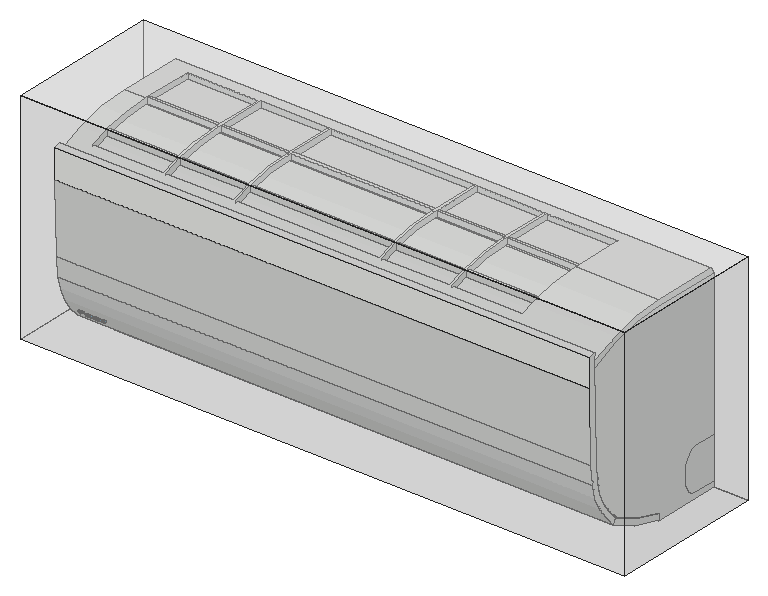
Revit family "outputfile", category 機械設備, Revit 2024
Family settings
  丸型コネクタ寸法 = 半径を使用
  パーツ タイプ = 標準
  OmniClass 番号 = 23.75.10.24.21.27.27
  OmniClass タイトル = Split System Air Conditioning Units
  作業面ベース = いいえ
  常に垂直 = はい
  ロード時にボイドで切り取り = いいえ
  注釈の向きを維持 = いいえ
  共有 = いいえ
  部屋計算ポイント = いいえ
Parameters (values of type "FTXV35UVMA")
  Description = ""
  書き出し IFC クラス(タイプ) = "IfcUnitaryEquipmentType"
  定義済み IFC タイプ(タイプ) = "AIRCONDITIONINGUNIT"
  Cost = 0
  Type Comments = ""
  Keynote = ""
  Type Image = (empty or 0)
  Assembly Code = ""
  w_wall hole = if(Width = 770.0 mm, 48.0 mm, 60.0 mm)  # 48.0 mm
  製造元 = "Daikin"
  モデル = "FTXV35UVMA"
  switch_frequency = yes
  r_Liquid Pipe Size = Liquid Pipe Size / 2  # 3.2 mm
  r_Gas Pipe Size = Gas Pipe Size / 2  # 4.75 mm
  r_Drain Pipe Size = Drain Pipe Size / 2  # 8.0 mm
  lw_powersupply [instance] = if(Width = 770.0 mm, if(or(Rear Right Connection_refrigerant, Bottom Right Connection_refrigerant), 25.0 mm, if(or(Rear Left Connection_refrigerant, Bottom Left Connection_refrigerant), 745.0 mm, 400.0 mm)), if(Width = 990.0 mm, if(or(Rear Right Connection_refrigerant, Bottom Right Connection_refrigerant), 40.0 mm, if(or(Rear Left Connection_refrigerant, Bottom Left Connection_refrigerant), 920.0 mm, 400.0 mm)), if(or(Rear Right Connection_refrigerant, Bottom Right Connection_refrigerant), 40.0 mm, if(or(Rear Left Connection_refrigerant, Bottom Left Connection_refrigerant), 920.0 mm, 400.0 mm))))  # 400.0 mm
  lw_liquidpipe [instance] = if(Width = 770.0 mm, if(or(Rear Right Connection_refrigerant, Bottom Right Connection_refrigerant), 0.0 mm, if(or(Rear Left Connection_refrigerant, Bottom Left Connection_refrigerant), 664.0 mm, 385.0 mm)), if(Width = 990.0 mm, if(or(Rear Right Connection_refrigerant, Bottom Right Connection_refrigerant), 0.0 mm, if(or(Rear Left Connection_refrigerant, Bottom Left Connection_refrigerant), 664.0 mm + (990.0 mm - 770.0 mm), 475.0 mm)), if(or(Rear Right Connection_refrigerant, Bottom Right Connection_refrigerant), 0.0 mm, if(or(Rear Left Connection_refrigerant, Bottom Left Connection_refrigerant), 664.0 mm + (990.0 mm - 770.0 mm), 475.0 mm))))  # 385.0 mm
  lw_gaspipe [instance] = if(Width = 770.0 mm, if(or(Rear Right Connection_refrigerant, Bottom Right Connection_refrigerant), 0.0 mm, if(or(Rear Left Connection_refrigerant, Bottom Left Connection_refrigerant), 675.0 mm, if(Gas Pipe Size = 12.7 mm, 345.0 mm, 335.0 mm))), if(Width = 990.0 mm, if(or(Rear Right Connection_refrigerant, Bottom Right Connection_refrigerant), 10.0 mm, if(or(Rear Left Connection_refrigerant, Bottom Left Connection_refrigerant), 890.0 mm, if(Gas Pipe Size = 15.9 mm, 410.0 mm, 400.0 mm))), if(or(Rear Right Connection_refrigerant, Bottom Right Connection_refrigerant), 10.0 mm, if(or(Rear Left Connection_refrigerant, Bottom Left Connection_refrigerant), 890.0 mm, if(Gas Pipe Size = 15.9 mm, 410.0 mm, 400.0 mm)))))  # 335.0 mm
  lw_drainpipe [instance] = if(Width = 770.0 mm, if(or(Rear Right Connection_refrigerant, Bottom Right Connection_refrigerant), 0.0 mm, if(or(Rear Left Connection_refrigerant, Bottom Left Connection_refrigerant), 770.0 mm - 48.0 mm - 48.0 mm, 440.0 mm)), if(Width = 990.0 mm, if(or(Rear Right Connection_refrigerant, Bottom Right Connection_refrigerant), 0.0 mm, if(or(Rear Left Connection_refrigerant, Bottom Left Connection_refrigerant), 675.0 mm + (990.0 mm - 770.0 mm), 435.0 mm)), if(or(Rear Right Connection_refrigerant, Bottom Right Connection_refrigerant), 0.0 mm, if(or(Rear Left Connection_refrigerant, Bottom Left Connection_refrigerant), 675.0 mm + (990.0 mm - 770.0 mm), 435.0 mm))))  # 440.0 mm
  l_powersupply_length [instance] = if(Width = 770.0 mm, if(Right Connection_refrigerant, 400.0 mm, if(Left Connection_refrigerant, 770.0 mm - 400.0 mm, if(or(Rear Left Connection_refrigerant, Rear Right Connection_refrigerant), 15.0 mm, 50.0 mm))), if(Width = 990.0 mm, if(Right Connection_refrigerant, 400.0 mm, if(Left Connection_refrigerant, 990.0 mm - 400.0 mm, if(or(Rear Left Connection_refrigerant, Rear Right Connection_refrigerant), 15.0 mm, 50.0 mm))), if(Right Connection_refrigerant, 400.0 mm, if(Left Connection_refrigerant, 990.0 mm - 400.0 mm, if(or(Rear Left Connection_refrigerant, Rear Right Connection_refrigerant), 15.0 mm, 50.0 mm)))))  # 400.0 mm
  l_liquidpipe_length [instance] = if(Width = 770.0 mm, if(Right Connection_refrigerant, 433.0 mm, if(Left Connection_refrigerant, 337.0 mm, if(or(Rear Left Connection_refrigerant, Rear Right Connection_refrigerant), 30.0 mm, 40.0 mm))), if(Width = 990.0 mm, if(Right Connection_refrigerant, 535.0 mm, if(Left Connection_refrigerant, 455.0 mm, if(or(Rear Left Connection_refrigerant, Rear Right Connection_refrigerant), 30.0 mm, 40.0 mm))), if(Right Connection_refrigerant, 535.0 mm, if(Left Connection_refrigerant, 455.0 mm, if(or(Rear Left Connection_refrigerant, Rear Right Connection_refrigerant), 30.0 mm, 40.0 mm)))))  # 433.0 mm
  l_gaspipe_length [instance] = if(Width = 770.0 mm, if(Right Connection_refrigerant, if(Gas Pipe Size = 12.7 mm, 393.0 mm, 383.0 mm), if(Left Connection_refrigerant, if(Gas Pipe Size = 12.7 mm, 770.0 mm - 393.0 mm, 770.0 mm - 383.0 mm), if(or(Rear Left Connection_refrigerant, Rear Right Connection_refrigerant), 40.0 mm, 50.0 mm))), if(Width = 990.0 mm, if(Right Connection_refrigerant, if(Gas Pipe Size = 15.9 mm, 470.0 mm, 460.0 mm), if(Left Connection_refrigerant, if(Gas Pipe Size = 15.9 mm, 990.0 mm - 470.0 mm, 990.0 mm - 460.0 mm), if(or(Rear Left Connection_refrigerant, Rear Right Connection_refrigerant), 40.0 mm, 50.0 mm))), if(Right Connection_refrigerant, if(Gas Pipe Size = 15.9 mm, 460.0 mm, 460.0 mm), if(Left Connection_refrigerant, if(Gas Pipe Size = 15.9 mm, 990.0 mm - 460.0 mm, 990.0 mm - 460.0 mm), if(or(Rear Left Connection_refrigerant, Rear Right Connection_refrigerant), 40.0 mm, 50.0 mm)))))  # 383.0 mm
  l_drainpipe_length [instance] = if(Width = 770.0 mm, if(Right Connection_refrigerant, 488.0 mm, if(Left Connection_refrigerant, 282.0 mm, if(or(Rear Left Connection_refrigerant, Rear Right Connection_refrigerant), 15.0 mm, 20.0 mm))), if(Width = 990.0 mm, if(Right Connection_refrigerant, 495.0 mm, if(Left Connection_refrigerant, 495.0 mm, if(or(Rear Left Connection_refrigerant, Rear Right Connection_refrigerant), 15.0 mm, 20.0 mm))), if(Right Connection_refrigerant, 495.0 mm, if(Left Connection_refrigerant, 495.0 mm, if(or(Rear Left Connection_refrigerant, Rear Right Connection_refrigerant), 15.0 mm, 20.0 mm)))))  # 488.0 mm
  h*** = 0.0 mm  # constant formula
  connector_voltage = Voltage_50Hz  # 230 V
  connector_powerinput = [Power Input (Cooling)]  # 0.880 kW
  connector_phase = Phase_50Hz  # 1
  angle_vertical [instance] = if(or(Bottom Left Connection_refrigerant, Bottom Right Connection_refrigerant), 0.00°, 90.00°)  # 90.00°
  angle_horizontal [instance] = if(Right Connection_refrigerant, 90.00°, if(Left Connection_refrigerant, -90.00°, if(or(Rear Left Connection_refrigerant, Rear Right Connection_refrigerant), 180.00°, 0.00°)))  # 90.00°
  Width = 770.0 mm
  Voltage_comment_60Hz = "220-230"
  Voltage_comment_50Hz = "220 - 240"
  Voltage_60Hz = 220 V
  Voltage_50Hz = 230 V
  Version = "ver.1.0"
  Unit Type = "Wall Mounted"
  Unit Mass Weight = 9.00 kg
  Unit Designation [instance] = ""
  Uniclass2015Version = "Products v1.30"
  Uniclass2015Title = "Split coil room air conditioning units"
  Uniclass2015Code = "Pr_70_65_03_86"
  URL = ""
  Total Heating Capacity [instance] = 0.000 kW
  Total Cooling Capacity [instance] = 0.000 kW
  Sound Pressure Level_M speed (dBA) = 34
  Sound Pressure Level_L speed (dBA) = 26
  Sound Pressure Level_H speed (dBA) = 42
  Sound Power Level_H speed (dB) = 0
  Series = "Single Split_Fan Coil Unit"
  Sensible Cooling Capacity [instance] = 0.000 kW
  Refrigerant Type = "R32"
  Power Input (Heating) = 0.790 kW
  Power Input (Cooling) = 0.880 kW
  Phase_60Hz = 1
  Phase_50Hz = 1
  Option Accessory 3 [instance] = ""
  Option Accessory 2 [instance] = ""
  Option Accessory 1 [instance] = ""
  Nominal Heating Capacity = 3.700 kW
  Nominal Cooling Capacity = 3.500 kW
  Minimum Circuit Amps_60Hz = 0.0 A
  Minimum Circuit Amps_50Hz = 0.0 A
  Minimum Airflow = 324.00 m³/h
  Median Airflow = 456.00 m³/h
  Maximum Fuse Amps_60Hz = 0.0 A
  Maximum Fuse Amps_50Hz = 0.0 A
  Maximum Airflow = 630.00 m³/h
  Material_Casing = DAIKIN_PureWhite_Casing_indoorunit
  Load Classification = HVAC
  Liquid Pipe Size = 6.4 mm
  Link_Nested Family [instance] = ""
  IfcVersion = ""
  IfcExportType = "AIRCONDITIONINGUNIT"
  IfcExportAs = "IfcUnitaryEquipmentType"
  Height = 285.0 mm
  Heating Entering Wet Bulb Temperature [instance] = -273.15 °C
  Heating Entering Dry Bulb Temperature [instance] = -273.15 °C
  Heating Ambient Wet Bulb Temperature [instance] = -273.15 °C
  Heating Ambient Dry Bulb Temperature [instance] = -273.15 °C
  Heat Exchanger Type = "Cross Fin Coil"
  Gas Pipe Size = 9.5 mm
  Frequency_60Hz = 60 Hz
  Frequency_50Hz = 50 Hz
  Fan Type = "Cross Flow Fan"
  Fan Drive = "-"
  FCU Tag No. [instance] = ""
  Drain Pipe Size = 16.0 mm
  Design Supply Airflow [instance] = 0.00 m³/h
  Depth = 223.0 mm
  既定の高さ = 0.0 mm
  Cooling Entering Wet Bulb Temperature [instance] = 0.00 °C
  Cooling Entering Dry Bulb Temperature [instance] = 0.00 °C
  Cooling Ambient Wet Bulb Temperature [instance] = 0.00 °C
  Cooling Ambient Dry Bulb Temperature [instance] = 0.00 °C
  Clearance visibility [instance] = yes
  Clearance Top = 30.0 mm
  Clearance Right = 50.0 mm
  Clearance Rear = 0.0 mm
  Clearance Left = 50.0 mm
  Clearance Front = 0.0 mm
  Clearance Bottom = 0.0 mm
  Bottom Right Connection_refrigerant [instance] = no
  Bottom Left Connection_refrigerant [instance] = no
  Rear Right Connection_refrigerant [instance] = no
  Rear Left Connection_refrigerant [instance] = no
  Right Connection_refrigerant [instance] = yes
  Left Connection_refrigerant [instance] = no
Reference planes
  plane 1 "Back": y = 0
  plane 2: z = 0
  plane 3 "Center (Left/Right)": x = 0
  plane 4 "Center (Front/Back)": y = -111.5
  plane 5 "Front": y = -223
  plane 6 "Left": x = -385
  plane 7 "Right": x = 385
  plane 8 "Top": z = 0
  plane 9 "Bottom": z = -285
  plane 10: x = -435
  plane 11: x = 435
  plane 12: y = 0
  plane 13: y = -223
  plane 14: z = 30
  plane 15: z = -285
  plane 16 "lw_Piping and Wiring intake": x = 337
  plane 17 "lw_gaspipe": x = 2
  plane 18 "lw_liquidpipe": x = -48
  plane 19 "lw_drainpipe": x = -103
  plane 20 "lh_drainpipe": z = -265
  plane 21 "lh_liquidpipe": z = -245
  plane 22 "lh_gaspipe": z = -235
  plane 23 "ld_drainpipe": y = -15
  plane 24 "ld_liquidpipe": y = -30
  plane 25 "ld_gaspipe": y = -40
  plane 26 "lw_powersupply": x = -15
Dimensions and locks
  equal spacing: plane 6 "Left", plane 3 "Center (Left/Right)", plane 7 "Right"
  "Width": plane 6 "Left" to plane 7 "Right"
  equal spacing: plane 5 "Front", plane 4 "Center (Front/Back)", plane 1 "Back"
  "Depth": plane 5 "Front" to plane 1 "Back"
  "Height": plane 8 "Top" to plane 9 "Bottom"
  "Clearance Rear": plane 12 to plane 1 "Back"
  "Clearance Front": plane 13 to plane 5 "Front"
  "Clearance Top": plane 14 to plane 8 "Top"
  "Clearance Bottom": plane 9 "Bottom" to plane 15
  "w_wall hole": plane 16 "lw_Piping and Wiring intake" to plane 7 "Right"
  "lw_gaspipe": plane 17 "lw_gaspipe" to plane 16 "lw_Piping and Wiring intake"
  "lw_liquidpipe": plane 18 "lw_liquidpipe" to plane 16 "lw_Piping and Wiring intake"
  "lw_drainpipe": plane 19 "lw_drainpipe" to plane 16 "lw_Piping and Wiring intake"
  locked: plane 20 "lh_drainpipe" to plane 9 "Bottom" at 20
  locked: plane 21 "lh_liquidpipe" to plane 9 "Bottom" at 40
  locked: plane 22 "lh_gaspipe" to plane 9 "Bottom" at 50
  locked: plane 23 "ld_drainpipe" to plane 1 "Back" at 15
  locked: plane 1 "Back" to plane 24 "ld_liquidpipe" at 30
  locked: plane 1 "Back" to plane 25 "ld_gaspipe" at 40
  "lw_powersupply": plane 26 "lw_powersupply" to plane 7 "Right"
  "Clearance Left": plane 10 to plane 6 "Left"
  "Clearance Right": plane 7 "Right" to plane 11
  aligned and locked: level to plane 2
  aligned and locked: plane 12 to nested 1
  aligned and locked: nested 1 to plane 13
  aligned and locked: plane 10 to nested 1
  aligned and locked: plane 11 to nested 1
  aligned and locked: plane 15 to nested 1
  aligned and locked: plane 14 to nested 1
  aligned and locked: plane 17 "lw_gaspipe" to nested 2
  aligned and locked: nested 2 to plane 25 "ld_gaspipe"
  aligned and locked: plane 18 "lw_liquidpipe" to nested 3
  aligned and locked: nested 3 to plane 24 "ld_liquidpipe"
  aligned and locked: plane 19 "lw_drainpipe" to nested 4
  aligned and locked: nested 4 to plane 23 "ld_drainpipe"
  aligned and locked: nested 5 to plane 23 "ld_drainpipe"
  aligned and locked: plane 26 "lw_powersupply" to nested 5
  aligned and locked: level to plane 8 "Top"
  aligned and locked: plane 3 "Center (Left/Right)" to nested 6
  aligned and locked: plane 1 "Back" to nested 6
  aligned and locked: plane 8 "Top" to nested 6
Nested families
  nested 1: "daikin_clearancespace" at (0, -111.5, -127.381), show <- "Clearance visibility", visible <- "Clearance visibility", Link_Nested Family <- "Link_Nested Family", type "daikin_clearancespace"
    with width 870.0 mm, show yes, height 315.0 mm, depth 223.0 mm, Link_Nested Family ""
  nested 2: "daikin_connector_rotate3" at (2, -40, -235), angle_vertical <- "angle_vertical", angle_horizontal <- "angle_horizontal", length <- "l_gaspipe_length", radius <- "r_Gas Pipe Size", type "daikin_connector_rotate3"
    with show no, radius 4.75 mm, length 383.0 mm, angle_vertical 90.00°, angle_horizontal 90.00°
  nested 3: "daikin_connector_rotate3" at (-48, -30, -245), angle_vertical <- "angle_vertical", angle_horizontal <- "angle_horizontal", radius <- "r_Liquid Pipe Size", length <- "l_liquidpipe_length", type "daikin_connector_rotate3"
    with show no, radius 3.2 mm, length 433.0 mm, angle_vertical 90.00°, angle_horizontal 90.00°
  nested 4: "daikin_connector_rotate3" at (-103, -15, -265), angle_vertical <- "angle_vertical", angle_horizontal <- "angle_horizontal", length <- "l_drainpipe_length", radius <- "r_Drain Pipe Size", type "daikin_connector_rotate3"
    with show no, radius 8.0 mm, length 488.0 mm, angle_vertical 90.00°, angle_horizontal 90.00°
  nested 5: "daikin_connector_rotate3" at (-15, -15, -235), angle_vertical <- "angle_vertical", angle_horizontal <- "angle_horizontal", length <- "l_powersupply_length", type "daikin_connector_rotate3"
    with show no, radius 10.0 mm, length 400.0 mm, angle_vertical 90.00°, angle_horizontal 90.00°
  nested 6: "DAIKIN_indoorunit_FTXV-UVMA" at (-31, 0, 0), type "FTXV-UVMA"
    with Width=990 no, Width=770 yes, Width 770.0 mm, WALL HOLE-R 48.0 mm, WALL HOLE Size 65.0 mm, Height 285.0 mm
Connectors
  piping at (385, -40, -235), diameter 9.5, driven by "r_Gas Pipe Size"
    settings: on nested 2, index 1, connector inside diameter 609.6 mm, connector length 0.0 mm, flow factor 0, pipe flow 0.00 m³/h, pressure drop 0.0 Pa, fitting loss kfactor 0, connector angle 0.00°, fixture units 0, engagement length 0.0 mm, angle of deflection 0.00°, flow configuration 1, flow direction 2, fitting loss method 0, system type 29, joint type 0, gender type 0, connector reference index -1, connector utility 0, adjustable connector no, is connector primary yes, connector description "Refrigerant Gas Piping"
  piping at (385, -30, -245), diameter 6.4, driven by "r_Liquid Pipe Size"
    settings: on nested 3, index 2, connector inside diameter 609.6 mm, connector length 0.0 mm, flow factor 0, pipe flow 0.00 m³/h, pressure drop 0.0 Pa, fitting loss kfactor 0, connector angle 0.00°, fixture units 0, engagement length 0.0 mm, angle of deflection 0.00°, flow configuration 1, flow direction 1, fitting loss method 0, system type 29, joint type 0, gender type 0, connector reference index -1, connector utility 0, adjustable connector no, is connector primary no, connector description "Refrigerant Liquid Piping"
  piping at (385, -15, -265), diameter 16, driven by "r_Drain Pipe Size"
    settings: on nested 4, index 3, connector inside diameter 609.6 mm, connector length 0.0 mm, flow factor 0, pipe flow 0.00 m³/h, pressure drop 0.0 Pa, fitting loss kfactor 0, connector angle 0.00°, fixture units 0, engagement length 0.0 mm, angle of deflection 0.00°, flow configuration 1, flow direction 2, fitting loss method 4, system type 16, joint type 0, gender type 0, connector reference index -1, connector utility 0, adjustable connector no, is connector primary no, connector description "Condensate Drain Piping"
  electrical at (385, -15, -235), driven by "Load Classification", driven by "connector_voltage", driven by "connector_phase", driven by "connector_powerinput"
    settings: on nested 5, index 4, voltage 230 V, apparent load 880 VA, apparent load phase1 0 VA, apparent load phase2 0 VA, apparent load phase3 0 VA, power factor 1, load classification "HVAC", number of poles 1, system type 30, power factor state 1, is connector primary yes, connector utility no, sub classification motor no, connector description "Power Supply"
Definition of nested family "daikin_clearancespace"
  Parameters (values of type "daikin_clearancespace")
    Description = "daikin_clearancespace"
    width [instance] = 1823.963 mm
    show [instance] = yes
    material = none
    height [instance] = 1359.762 mm
    depth [instance] = 880.0 mm
    Default Elevation = 0.0 mm
    Link_Nested Family [instance] = ""
  Reference planes
    plane 1 "Center (Front/Back)": y = 0
    plane 2 "Center (Elevation)": z = -0.119
    plane 3 "Center (Left/Right)": x = 0
    plane 4: y = 440
    plane 5: y = -440
    plane 6 "Right": x = 911.982
    plane 7 "Left": x = -911.982
    plane 8 "Top": z = 679.762
    plane 9 "Bottom": z = -680
  Forms (mm)
    Extrusion 1, solid, material <- "material", visible <- "show"
      sketch origin (0, 0, 0) x (1, 0, 0) y (0, 1, 0)
        loop
          line (-911.982, 440) -> (-911.982, -440) -> (911.982, -440) -> (911.982, 440) -> (-911.982, 440)
      from -680 to 679.762
  Lines and regions (mm)
    symbolic lines, visible <- "show"
      curve 1: line (911.982, 440, 0) -> (-911.982, 440, 0)
      curve 2: line (-911.982, 440, 0) -> (-911.982, -440, 0)
      curve 3: line (-911.982, -440, 0) -> (911.982, -440, 0)
      curve 4: line (911.982, -440, 0) -> (911.982, 440, 0)
      curve 5: line (911.982, 0, 679.762) -> (-911.982, 0, 679.762)
      curve 6: line (911.982, 0, -680) -> (911.982, 0, 679.762)
      curve 7: line (-911.982, 0, -680) -> (911.982, 0, -680)
      curve 8: line (-911.982, 0, 679.762) -> (-911.982, 0, -680)
      curve 9: line (0, 440, 679.762) -> (0, -440, 679.762)
      curve 10: line (0, -440, 679.762) -> (0, -440, -680)
      curve 11: line (0, 440, -680) -> (0, 440, 679.762)
      curve 12: line (0, -440, -680) -> (0, 440, -680)
  Dimensions and locks
    "width": plane 7 "Left" to plane 6 "Right"
    "depth": plane 4 to plane 5
    "height": plane 8 "Top" to plane 9 "Bottom"
    equal spacing: plane 7 "Left", plane 3 "Center (Left/Right)", plane 6 "Right"
    equal spacing: plane 4, plane 1 "Center (Front/Back)", plane 5
    equal spacing: plane 8 "Top", plane 2 "Center (Elevation)", plane 9 "Bottom"
    aligned and locked: level to plane 2 "Center (Elevation)"
    aligned and locked: Extrusion 1 sketch curve to plane 4
    aligned and locked: plane 7 "Left" to Extrusion 1 sketch curve
    aligned and locked: Extrusion 1 sketch curve to plane 5
    aligned and locked: Extrusion 1 sketch curve to plane 6 "Right"
    aligned and locked: plane 8 "Top" to Extrusion 1
    aligned and locked: curve 1 to Extrusion 1
    aligned and locked: curve 2 to Extrusion 1
    aligned and locked: curve 3 to Extrusion 1
    aligned and locked: curve 4 to Extrusion 1
    aligned and locked: curve 5 to Extrusion 1
    aligned and locked: curve 6 to Extrusion 1
    aligned and locked: curve 7 to Extrusion 1
    aligned and locked: curve 8 to Extrusion 1
    aligned and locked: curve 9 to Extrusion 1
    aligned and locked: curve 10 to Extrusion 1
    aligned and locked: curve 11 to Extrusion 1
    aligned and locked: curve 12 to Extrusion 1
    aligned and locked: Extrusion 1 to plane 9 "Bottom"
Definition of nested family "DAIKIN_indoorunit_FTXV-UVMA"
  Parameters (values of type "FTKF-TVMA")
    Width=990 = Width = 990.0 mm  # yes
    Width=770 = Width = 770.0 mm  # no
    Width = 990.0 mm
    WALL HOLE-R = if(Width = 770.0 mm, 48.0 mm, 60.0 mm)  # 60.0 mm
    WALL HOLE Size = if(Width = 770.0 mm, 65.0 mm, 80.0 mm)  # 80.0 mm
    Material_Casing = none
    Height = if(Width = 770.0 mm, 285.0 mm, 295.0 mm)  # 295.0 mm
    Default Elevation = 0.0 mm
  Reference planes
    plane 1 "Center (Front/Back)": y = 0
    plane 2 "reference_level": z = 0
    plane 3 "Center (Left/Right)": x = 31
    plane 4: x = -464
    plane 5: x = 526
    plane 6: z = -295
  Forms (mm)
    Extrusion 1, solid, material <- "Material_Casing", visible <- "Width=770"
      sketch origin (29, 0, 0) x (0, 1, 0) y (0, 0, 1)
        loop
          line (-5, 0) -> (-98, 0)
          arc (-98, 0) -> (-157.611, -7.211) -> (-213.783, -28.427) r 250
          arc (-213.783, -28.427) -> (-213.842, -32.972) -> (-213.892, -37.516) r 2191
          arc (-213.892, -37.516) -> (-157.832, -15.495) -> (-98.07, -8) r 242
          line (-98.07, -8) -> (0, -8) -> (-5, 0)
      from -383 to 387
    Extrusion 2, solid, material <- "Material_Casing", visible <- "Width=770"
      sketch origin (416, 1296.25, 1200) x (0, 1, 0) y (0, 0, 1)
        loop
          line (-1472.998, -1446.91) -> (-1476.998, -1453.839)
          arc (-1476.998, -1453.839) -> (-1437.481, -1472.422) -> (-1395.25, -1483.538) r 240
          line (-1395.25, -1483.538) -> (-1395.25, -1475.422)
          arc (-1395.25, -1475.422) -> (-1435.407, -1464.663) -> (-1472.998, -1446.91) r 232
      from 0 to -47.5
    Extrusion 3, solid, material <- "Material_Casing", visible <- "Width=770"
      sketch origin (29, 0, 0) x (0, 1, 0) y (0, 0, 1)
        loop
          arc (-223, -60.455) -> (-222.414, -110.646) -> (-220.656, -160.81) r 2149.92
          arc (-220.656, -160.81) -> (-219.65, -174.299) -> (-217.853, -187.706) r 229.911
          arc (-217.853, -187.706) -> (-205.371, -223.594) -> (-181.517, -253.17) r 111
          line (-181.517, -253.17) -> (-177.429, -246.093)
          arc (-177.429, -246.093) -> (-198.77, -218.989) -> (-209.965, -186.36) r 103
          arc (-209.965, -186.36) -> (-211.681, -173.586) -> (-212.651, -160.735) r 221.844
          arc (-212.651, -160.735) -> (-214.739, -93.233) -> (-214.74, -25.699) r 2186.828
          arc (-214.74, -25.699) -> (-214.671, -21.467) -> (-214.594, -17.235) r 2192
          line (-214.594, -17.235) -> (-223, -19.961) -> (-223, -60.455)
      from -383 to 387
    Extrusion 4, solid, material <- "Material_Casing", visible <- "Width=770"
      sketch origin (29, 0, -20) x (0, 1, 0) y (0, 0, 1)
        loop
          line (0, -265) -> (0, 12) -> (-98.07, 12)
          arc (-98.07, 12) -> (-157.832, 4.505) -> (-213.892, -17.516) r 242
          arc (-213.892, -17.516) -> (-213.638, -79.114) -> (-211.653, -140.681) r 2191
          arc (-211.653, -140.681) -> (-210.685, -153.501) -> (-208.973, -166.243) r 221
          arc (-208.973, -166.243) -> (-197.471, -199.282) -> (-175.482, -226.491) r 102
          arc (-175.482, -226.491) -> (-138.004, -244.019) -> (-98, -254.579) r 231
          line (-98, -254.579) -> (-98, -265) -> (0, -265)
      from -383 to 387
    Extrusion 5, solid, material <- "Material_Casing", visible <- "Width=770"
      sketch origin (-354, 1296.25, 1200) x (0, 1, 0) y (0, 0, 1)
        loop
          line (-1472.998, -1446.91) -> (-1476.998, -1453.839)
          arc (-1476.998, -1453.839) -> (-1437.481, -1472.422) -> (-1395.25, -1483.538) r 240
          line (-1395.25, -1483.538) -> (-1395.25, -1475.422)
          arc (-1395.25, -1475.422) -> (-1435.407, -1464.663) -> (-1472.998, -1446.91) r 232
      from 47 to 0
    Extrusion 6, solid, material <- "Material_Casing", visible <- "Width=770"
      sketch origin (416, 1296.25, 1200) x (0, 1, 0) y (0, 0, 1)
        loop
          line (-1472.998, -1446.91) -> (-1476.998, -1453.839)
          arc (-1476.998, -1453.839) -> (-1443.437, -1470.168) -> (-1407.75, -1481.097) r 240
          line (-1407.75, -1481.097) -> (-1407.75, -1472.894)
          arc (-1407.75, -1472.894) -> (-1441.363, -1462.385) -> (-1472.998, -1446.91) r 232
      from -116.993 to -48.493
    Extrusion 7, solid, material <- "Material_Casing", visible <- "Width=770"
      sketch origin (416, 1296.25, 1200) x (0, 1, 0) y (0, 0, 1)
        loop
          line (-1472.998, -1446.91) -> (-1476.998, -1453.839)
          arc (-1476.998, -1453.839) -> (-1443.437, -1470.168) -> (-1407.75, -1481.097) r 240
          line (-1407.75, -1481.097) -> (-1407.75, -1472.894)
          arc (-1407.75, -1472.894) -> (-1441.363, -1462.385) -> (-1472.998, -1446.91) r 232
      from -717 to -121.993
    Extrusion 8, void
      sketch origin (31, 0, -235) x (1, 0, 0) y (0, 1, 0)
        loop
          line (-252.674, -22.316) -> (-354.941, -22.316) -> (-354.941, -91.341) -> (-252.674, -91.341) -> (-252.674, -22.316)
        loop
          line (-249.341, -91.341) -> (-151.574, -91.341) -> (-151.574, -22.316) -> (-249.341, -22.316) -> (-249.341, -91.341)
        loop
          line (58.309, -22.316) -> (-148.309, -22.316) -> (-148.309, -91.341) -> (58.309, -91.341) -> (58.309, -22.316)
        loop
          line (61.689, -22.316) -> (61.689, -91.341) -> (159.457, -91.341) -> (159.457, -22.316) -> (61.689, -22.316)
        loop
          line (162.789, -22.316) -> (162.789, -91.341) -> (265.057, -91.341) -> (265.057, -22.316) -> (162.789, -22.316)
        loop
          line (-354.941, -94.659) -> (-354.941, -165.259) -> (-252.674, -165.259) -> (-252.674, -94.659) -> (-354.941, -94.659)
        loop
          line (-249.341, -94.659) -> (-249.341, -165.259) -> (-151.574, -165.259) -> (-151.574, -94.659) -> (-249.341, -94.659)
        loop
          line (-148.309, -94.659) -> (-148.309, -165.259) -> (58.309, -165.259) -> (58.309, -94.659) -> (-148.309, -94.659)
        loop
          line (61.689, -94.659) -> (61.689, -165.259) -> (159.457, -165.259) -> (159.457, -94.659) -> (61.689, -94.659)
        loop
          line (162.789, -94.659) -> (162.789, -165.259) -> (265.057, -165.259) -> (265.057, -94.659) -> (162.789, -94.659)
        loop
          line (-354.941, -167.382) -> (-354.941, -192.681) -> (-252.674, -192.681) -> (-252.674, -167.382) -> (-354.941, -167.382)
        loop
          line (-249.341, -167.382) -> (-249.341, -192.681) -> (-151.574, -192.681) -> (-151.574, -167.382) -> (-249.341, -167.382)
        loop
          line (-148.309, -167.382) -> (-148.309, -192.681) -> (58.309, -192.681) -> (58.309, -167.382) -> (-148.309, -167.382)
        loop
          line (159.457, -167.382) -> (61.689, -167.382) -> (61.689, -192.681) -> (159.457, -192.681) -> (159.457, -167.382)
        loop
          line (265.057, -167.382) -> (162.789, -167.382) -> (162.789, -192.681) -> (265.057, -192.681) -> (265.057, -167.382)
      from 201.638 to 250
    Extrusion 9, solid, material <- "Material_Casing"
      sketch origin (31, 0, 0) x (1, 0, 0) y (0, 0, 1)
        loop
          circle (435, -250.5) r 40
        loop
          circle (-447, -250.5) r 40
      from 0 to 5
    Extrusion 10, solid, material <- "Material_Casing", visible <- "Width=770"
      sketch origin (416, 1296.25, 1200) x (0, -1, 0) y (0, 0, 1)
        loop
          line (1326.25, -1417) -> (1296.25, -1417) -> (1296.25, -1477) -> (1326.25, -1477)
          arc (1326.25, -1477) -> (1340.393, -1471.142) -> (1346.25, -1457) r 20
          line (1346.25, -1457) -> (1346.25, -1437)
          arc (1346.25, -1437) -> (1340.393, -1422.858) -> (1326.25, -1417) r 20
      from 0 to 5
    Extrusion 11, solid, material <- "Material_Casing", visible <- "Width=770"
      sketch origin (-354, 1296.25, 1200) x (0, 1, 0) y (0, 0, 1)
        loop
          line (-1296.25, -1417) -> (-1326.25, -1417)
          arc (-1326.25, -1417) -> (-1340.393, -1422.858) -> (-1346.25, -1437) r 20
          line (-1346.25, -1437) -> (-1346.25, -1457)
          arc (-1346.25, -1457) -> (-1340.393, -1471.142) -> (-1326.25, -1477) r 20
          line (-1326.25, -1477) -> (-1296.25, -1477) -> (-1296.25, -1417)
      from 0 to 5
    Extrusion 12, solid, material <- "Material_Casing", visible <- "Width=770"
      sketch origin (31, 0, -285) x (-1, 0, 0) y (0, -1, 0)
        loop
          line (-314, 0) -> (-314, 30)
          arc (-314, 30) -> (-319.858, 44.142) -> (-334, 50) r 20
          line (-334, 50) -> (-354, 50)
          arc (-354, 50) -> (-368.142, 44.142) -> (-374, 30) r 20
          line (-374, 30) -> (-374, 0) -> (-314, 0)
        loop
          line (374, 0) -> (374, 30)
          arc (374, 30) -> (368.142, 44.142) -> (354, 50) r 20
          line (354, 50) -> (334, 50)
          arc (334, 50) -> (319.858, 44.142) -> (314, 30) r 20
          line (314, 30) -> (314, 0) -> (374, 0)
      from 0 to 5
    Extrusion 13, solid, material <- "Material_Casing", visible <- "Width=990"
      sketch origin (31, 0, 0) x (0, 1, 0) y (0, 0, 1)
        loop
          line (-5, 0) -> (-138, 0)
          arc (-138, 0) -> (-197.611, -7.211) -> (-253.783, -28.427) r 250
          arc (-253.783, -28.427) -> (-253.838, -32.687) -> (-253.886, -36.946) r 2191
          arc (-253.886, -36.946) -> (-197.73, -15.346) -> (-138.014, -8) r 246.393
          line (-138.014, -8) -> (0, -8) -> (-5, 0)
      from -495 to 495
    Extrusion 14, solid, material <- "Material_Casing", visible <- "Width=990"
      sketch origin (418, 1296.25, 1200) x (0, 1, 0) y (0, 0, 1)
        loop
          arc (-1515.208, -1454.149) -> (-1506.856, -1460.599) -> (-1497.925, -1466.219) r 110
          arc (-1497.925, -1466.219) -> (-1445.718, -1487.493) -> (-1389.844, -1494.995) r 223
          line (-1389.844, -1494.995) -> (-1389.844, -1486.086) -> (-1404.386, -1486.086)
          arc (-1404.386, -1486.086) -> (-1449.542, -1477.46) -> (-1491.818, -1459.402) r 214.289
          arc (-1491.818, -1459.402) -> (-1501.056, -1453.541) -> (-1509.606, -1446.715) r 101
          line (-1509.606, -1446.715) -> (-1515.208, -1454.149)
      from 108 to 57.5
    Extrusion 15, solid, material <- "Material_Casing", visible <- "Width=990"
      sketch origin (31, 0, 0) x (0, 1, 0) y (0, 0, 1)
        loop
          line (-263, -19.962) -> (-263, -61.6)
          arc (-263, -61.6) -> (-262.414, -110.219) -> (-260.656, -158.81) r 2017.341
          arc (-260.656, -158.81) -> (-255.648, -191.935) -> (-244.041, -223.362) r 164.725
          arc (-244.041, -223.362) -> (-233.569, -239.793) -> (-219.717, -253.495) r 87.379
          line (-219.717, -253.495) -> (-214.706, -246.846)
          arc (-214.706, -246.846) -> (-229.564, -230.029) -> (-240.385, -210.371) r 102
          arc (-240.385, -210.371) -> (-249.049, -182.962) -> (-252.848, -154.467) r 165.789
          arc (-252.848, -154.467) -> (-254.771, -90.102) -> (-254.74, -25.708) r 2122.533
          arc (-254.74, -25.708) -> (-254.671, -21.469) -> (-254.594, -17.23) r 2192
          line (-254.594, -17.23) -> (-263, -19.962)
      from -495 to 495
    Extrusion 16, void
      sketch origin (33, 0, 0) x (1, 0, 0) y (0, 1, 0)
        loop
          line (-466.909, -22.316) -> (-466.909, -111.341) -> (-366.303, -111.341) -> (-366.303, -22.316) -> (-466.909, -22.316)
        loop
          line (-362.71, -22.316) -> (-362.71, -111.341) -> (-262.103, -111.341) -> (-262.103, -22.316) -> (-362.71, -22.316)
        loop
          line (-258.51, -22.316) -> (-258.51, -111.341) -> (-157.904, -111.341) -> (-157.904, -22.316) -> (-258.51, -22.316)
        loop
          line (-154.31, -22.316) -> (-154.31, -111.341) -> (-53.704, -111.341) -> (-53.704, -22.316) -> (-154.31, -22.316)
        loop
          line (-50.11, -22.316) -> (-50.11, -111.341) -> (50.496, -111.341) -> (50.496, -22.316) -> (-50.11, -22.316)
        loop
          line (54.089, -22.316) -> (54.089, -111.341) -> (154.696, -111.341) -> (154.696, -22.316) -> (54.089, -22.316)
        loop
          line (158.289, -22.316) -> (158.289, -111.341) -> (258.895, -111.341) -> (258.895, -22.316) -> (158.289, -22.316)
        loop
          line (262.489, -22.316) -> (262.489, -111.341) -> (363.095, -111.341) -> (363.095, -22.316) -> (262.489, -22.316)
        loop
          line (-466.909, -114.459) -> (-466.909, -185.059) -> (-366.303, -185.059) -> (-366.303, -114.459) -> (-466.909, -114.459)
        loop
          line (-362.71, -114.459) -> (-362.71, -185.059) -> (-262.103, -185.059) -> (-262.103, -114.459) -> (-362.71, -114.459)
        loop
          line (-258.51, -114.459) -> (-258.51, -185.059) -> (-157.904, -185.059) -> (-157.904, -114.459) -> (-258.51, -114.459)
        loop
          line (-154.31, -114.459) -> (-154.31, -185.059) -> (-53.704, -185.059) -> (-53.704, -114.459) -> (-154.31, -114.459)
        loop
          line (-50.11, -114.459) -> (-50.11, -185.059) -> (50.496, -185.059) -> (50.496, -114.459) -> (-50.11, -114.459)
        loop
          line (54.089, -114.459) -> (54.089, -185.059) -> (154.696, -185.059) -> (154.696, -114.459) -> (54.089, -114.459)
        loop
          line (158.289, -114.459) -> (158.289, -185.059) -> (258.895, -185.059) -> (258.895, -114.459) -> (158.289, -114.459)
        loop
          line (262.489, -114.459) -> (262.489, -185.059) -> (363.095, -185.059) -> (363.095, -114.459) -> (262.489, -114.459)
        loop
          line (-466.909, -187.382) -> (-466.909, -232.681) -> (-366.303, -232.681) -> (-366.303, -187.382) -> (-466.909, -187.382)
        loop
          line (-362.71, -187.382) -> (-362.71, -232.681) -> (-262.103, -232.681) -> (-262.103, -187.382) -> (-362.71, -187.382)
        loop
          line (-258.51, -187.382) -> (-258.51, -232.681) -> (-157.904, -232.681) -> (-157.904, -187.382) -> (-258.51, -187.382)
        loop
          line (-154.31, -187.382) -> (-154.31, -232.681) -> (-53.704, -232.681) -> (-53.704, -187.382) -> (-154.31, -187.382)
        loop
          line (-50.11, -187.382) -> (-50.11, -232.681) -> (50.496, -232.681) -> (50.496, -187.382) -> (-50.11, -187.382)
        loop
          line (54.089, -187.382) -> (54.089, -232.681) -> (154.696, -232.681) -> (154.696, -187.382) -> (54.089, -187.382)
        loop
          line (158.289, -187.382) -> (158.289, -232.681) -> (258.895, -232.681) -> (258.895, -187.382) -> (158.289, -187.382)
        loop
          line (262.489, -187.382) -> (262.489, -232.681) -> (363.095, -232.681) -> (363.095, -187.382) -> (262.489, -187.382)
      from -40.013 to 47.268
    Extrusion 17, solid, material <- "Material_Casing", visible <- "Width=990"
      sketch origin (-356, 1296.25, 1200) x (0, 1, 0) y (0, 0, -1)
        loop
          line (-1515.208, 1454.149) -> (-1509.606, 1446.715)
          arc (-1509.606, 1446.715) -> (-1501.056, 1453.541) -> (-1491.818, 1459.402) r 101
          arc (-1491.818, 1459.402) -> (-1449.542, 1477.46) -> (-1404.386, 1486.086) r 214.289
          line (-1404.386, 1486.086) -> (-1389.844, 1486.086) -> (-1389.844, 1494.995)
          arc (-1389.844, 1494.995) -> (-1445.718, 1487.493) -> (-1497.925, 1466.219) r 223
          arc (-1497.925, 1466.219) -> (-1506.856, 1460.599) -> (-1515.208, 1454.149) r 110
      from 108 to 61
    Extrusion 18, solid, material <- "Material_Casing", visible <- "Width=990"
      sketch origin (418, 1296.25, 1200) x (0, 1, 0) y (0, 0, 1)
        loop
          arc (-1515.208, -1454.149) -> (-1506.856, -1460.599) -> (-1497.925, -1466.219) r 110
          arc (-1497.925, -1466.219) -> (-1463.185, -1482.066) -> (-1426.25, -1491.755) r 223
          line (-1426.25, -1491.755) -> (-1426.25, -1483.166)
          arc (-1426.25, -1483.166) -> (-1460.008, -1473.969) -> (-1491.818, -1459.402) r 214.289
          arc (-1491.818, -1459.402) -> (-1501.056, -1453.541) -> (-1509.606, -1446.715) r 101
          line (-1509.606, -1446.715) -> (-1515.208, -1454.149)
      from 56.5 to -36.993
    Extrusion 19, solid, material <- "Material_Casing", visible <- "Width=990"
      sketch origin (418, 1296.25, 1200) x (0, 1, 0) y (0, 0, 1)
        loop
          arc (-1426.25, -1483.166) -> (-1443.442, -1479.224) -> (-1460.25, -1473.881) r 214.289
          line (-1460.25, -1473.881) -> (-1460.25, -1483.089)
          arc (-1460.25, -1483.089) -> (-1443.421, -1488.091) -> (-1426.25, -1491.755) r 223
          line (-1426.25, -1491.755) -> (-1426.25, -1483.166)
      from -43.493 to -828.893
    Extrusion 20, solid, material <- "Material_Casing", visible <- "Width=990"
      sketch origin (418, 1296.25, 1200) x (0, 1, 0) y (0, 0, 1)
        loop
          arc (-1515.208, -1454.149) -> (-1506.856, -1460.599) -> (-1497.925, -1466.219) r 110
          arc (-1497.925, -1466.219) -> (-1479.479, -1475.527) -> (-1460.25, -1483.089) r 223
          line (-1460.25, -1483.089) -> (-1460.25, -1473.881)
          arc (-1460.25, -1473.881) -> (-1476.328, -1467.282) -> (-1491.818, -1459.402) r 214.289
          arc (-1491.818, -1459.402) -> (-1501.056, -1453.541) -> (-1509.606, -1446.715) r 101
          line (-1509.606, -1446.715) -> (-1515.208, -1454.149)
      from -43.493 to -828.893
    Extrusion 21, solid, material <- "Material_Casing", visible <- "Width=990"
      sketch origin (31, 0, -30) x (0, 1, 0) y (0, 0, 1)
        loop
          line (0, 22) -> (-138.014, 22)
          arc (-138.014, 22) -> (-197.73, 14.654) -> (-253.886, -6.946) r 246.393
          arc (-253.886, -6.946) -> (-253.682, -65.635) -> (-251.855, -124.295) r 2120.935
          arc (-251.855, -124.295) -> (-248.086, -152.682) -> (-239.461, -179.988) r 164.789
          arc (-239.461, -179.988) -> (-228.903, -199.231) -> (-214.437, -215.738) r 101
          line (-214.437, -215.738) -> (-212.406, -216.221)
          arc (-212.406, -216.221) -> (-204.07, -222.837) -> (-195.079, -228.53) r 100
          arc (-195.079, -228.53) -> (-145.557, -248.629) -> (-92.593, -255.785) r 213.289
          line (-92.593, -255.785) -> (-92.593, -265) -> (0, -265) -> (0, 22)
      from -495 to 495
    Extrusion 22, solid, material <- "Material_Casing", visible <- "Width=990"
      sketch origin (526, 1296.25, 1200) x (0, -1, 0) y (0, 0, 1)
        loop
          line (1326.25, -1427.035) -> (1296.25, -1427.035) -> (1296.25, -1487.035) -> (1326.25, -1487.035)
          arc (1326.25, -1487.035) -> (1340.393, -1481.177) -> (1346.25, -1467.035) r 20
          line (1346.25, -1467.035) -> (1346.25, -1447.035)
          arc (1346.25, -1447.035) -> (1340.393, -1432.892) -> (1326.25, -1427.035) r 20
      from 0 to 5
    Extrusion 23, solid, material <- "Material_Casing", visible <- "Width=990"
      sketch origin (-459, 1296.25, 1200) x (0, -1, 0) y (0, 0, 1)
        loop
          line (1326.25, -1427.035) -> (1296.25, -1427.035) -> (1296.25, -1487.035) -> (1326.25, -1487.035)
          arc (1326.25, -1487.035) -> (1340.393, -1481.177) -> (1346.25, -1467.035) r 20
          line (1346.25, -1467.035) -> (1346.25, -1447.035)
          arc (1346.25, -1447.035) -> (1340.393, -1432.892) -> (1326.25, -1427.035) r 20
      from 0 to 5
    Extrusion 24, solid, material <- "Material_Casing", visible <- "Width=990"
      sketch origin (31, 200, -295) x (-1, 0, 0) y (0, -1, 0)
        loop
          line (469, 200) -> (469, 230)
          arc (469, 230) -> (463.142, 244.142) -> (449, 250) r 20
          line (449, 250) -> (429, 250)
          arc (429, 250) -> (414.858, 244.142) -> (409, 230) r 20
          line (409, 230) -> (409, 200) -> (469, 200)
        loop
          line (-469, 200) -> (-409, 200) -> (-409, 230)
          arc (-409, 230) -> (-414.858, 244.142) -> (-429, 250) r 20
          line (-429, 250) -> (-449, 250)
          arc (-449, 250) -> (-463.142, 244.142) -> (-469, 230) r 20
          line (-469, 230) -> (-469, 200)
      from 0 to 5
  Cuts and joins
    Extrusion 8 cuts Extrusion 1
    Extrusion 16 cuts Extrusion 13
  Lines and regions (mm)
    reference lines
      curve 1: line (-523, -201.911, -229.404) -> (-523, -193.542, -239.977)
      curve 2: line (-523, -240.779, -229.404) -> (-523, -232.411, -239.977)
  Dimensions and locks
    locked: Extrusion 10 sketch curve to Extrusion 10 sketch curve at 60
    locked: Extrusion 10 sketch curve to Extrusion 10 sketch curve at 50
    locked: Extrusion 12 sketch curve to Extrusion 12 sketch curve at 60  (x2)
    locked: Extrusion 12 sketch curve to Extrusion 12 sketch curve at 50
    equal spacing: plane 5, plane 3 "Center (Left/Right)", plane 4
    "Width": plane 5 to plane 4
    locked: Extrusion 9 sketch curve to plane 4 at 48
    "WALL HOLE-R": plane 5 to Extrusion 9 sketch curve
    "Height": plane 2 "reference_level" to plane 6
    locked: Extrusion 9 sketch curve to plane 6 at 44.5  (x2)
    locked: Extrusion 15 to nested 2 at 15
    locked: Extrusion 22 sketch curve to Extrusion 22 sketch curve at 60
    locked: Extrusion 22 sketch curve to Extrusion 22 sketch curve at 50
    locked: Extrusion 23 sketch curve to Extrusion 23 sketch curve at 60
    locked: Extrusion 23 sketch curve to Extrusion 23 sketch curve at 50
    locked: Extrusion 24 sketch curve to Extrusion 24 sketch curve at 60  (x2)
    locked: Extrusion 24 sketch curve to Extrusion 24 sketch curve at 50  (x2)
    "WALL HOLE Size": diameter of Extrusion 9 sketch curve  (x2)
    aligned and locked: level to plane 2 "reference_level"
    aligned and locked: nested 1 to curve 1
    aligned and locked: Extrusion 11 sketch curve to Extrusion 10  (x4)
    aligned and locked: Extrusion 12 sketch curve to Extrusion 12 sketch curve  (x2)
    aligned and locked: Extrusion 9 to plane 1 "Center (Front/Back)"
    aligned and locked: nested 2 to curve 2
  Automatic sketch dimensions
    curve 1 to level = 239.977 mm
    plane 1 "Center (Front/Back)" to curve 1 = 193.542 mm
    curve 2 to curve 1 = 0.0 mm
    curve 2 to curve 2 = 10.573 mm
    curve 1 to curve 1 = 10.573 mm
    curve 1 to curve 1 = 8.368 mm
    curve 1 to curve 2 = 30.5 mm
    curve 2 to curve 2 = 8.368 mm
    Extrusion 1 sketch curve to level = 0.0 mm
    Extrusion 1 sketch curve to plane 1 "Center (Front/Back)" = 0.0 mm
    plane 1 "Center (Front/Back)" to Extrusion 1 sketch curve = 5.0 mm
    plane 1 "Center (Front/Back)" to Extrusion 1 sketch curve = 98.0 mm
    Extrusion 1 sketch curve to Extrusion 1 sketch curve = 0.07 mm
    Extrusion 1 sketch curve to level = 59.292 mm
    Extrusion 1 sketch curve to plane 1 "Center (Front/Back)" = 1977.0 mm
    Extrusion 1 sketch curve to level = 250.0 mm
    Extrusion 1 sketch curve to Extrusion 1 sketch curve = 0.0 mm
    Extrusion 1 sketch curve to level = 8.0 mm
    Extrusion 1 sketch curve to level = 28.427 mm
    plane 1 "Center (Front/Back)" to Extrusion 2 sketch curve = 180.748 mm
    Extrusion 2 sketch curve to Extrusion 2 sketch curve = 4.0 mm
    Extrusion 2 sketch curve to Extrusion 2 sketch curve = 77.747 mm
    plane 1 "Center (Front/Back)" to Extrusion 2 sketch curve = 59.279 mm
    Extrusion 2 sketch curve to Extrusion 2 sketch curve = 0.0 mm
    Extrusion 2 sketch curve to level = 283.538 mm
    Extrusion 2 sketch curve to Extrusion 2 sketch curve = 8.116 mm
    Extrusion 2 sketch curve to Extrusion 2 sketch curve = 21.583 mm
    Extrusion 2 sketch curve to Extrusion 2 sketch curve = 6.929 mm
    Extrusion 3 sketch curve to level = 19.961 mm
    plane 1 "Center (Front/Back)" to Extrusion 3 sketch curve = 223.0 mm
    Extrusion 3 sketch curve to level = 17.235 mm
    Extrusion 3 sketch curve to Extrusion 3 sketch curve = 8.406 mm
    plane 1 "Center (Front/Back)" to Extrusion 3 sketch curve = 181.517 mm
    Extrusion 3 sketch curve to Extrusion 3 sketch curve = 4.087 mm
    Extrusion 3 sketch curve to Extrusion 3 sketch curve = 69.11 mm
    Extrusion 3 sketch curve to Extrusion 3 sketch curve = 0.001 mm
    Extrusion 3 sketch curve to plane 1 "Center (Front/Back)" = 8.955 mm
    Extrusion 3 sketch curve to Extrusion 3 sketch curve = 0.067 mm
    Extrusion 3 sketch curve to level = 60.455 mm
    Extrusion 3 sketch curve to Extrusion 3 sketch curve = 1917.898 mm
    Extrusion 3 sketch curve to Extrusion 3 sketch curve = 44.907 mm
    Extrusion 3 sketch curve to Extrusion 3 sketch curve = 5.172 mm
    Extrusion 3 sketch curve to level = 150.456 mm
    Extrusion 3 sketch curve to Extrusion 3 sketch curve = 0.006 mm
    Extrusion 3 sketch curve to Extrusion 3 sketch curve = 19.265 mm
    Extrusion 3 sketch curve to Extrusion 3 sketch curve = 0.004 mm
    Extrusion 3 sketch curve to Extrusion 3 sketch curve = 76.368 mm
    Extrusion 3 sketch curve to Extrusion 3 sketch curve = 7.077 mm
    Extrusion 3 sketch curve to Extrusion 3 sketch curve = 1.002 mm
    Extrusion 3 sketch curve to Extrusion 3 sketch curve = 0.046 mm
    Extrusion 3 sketch curve to Extrusion 3 sketch curve = 8.005 mm
    Extrusion 3 sketch curve to Extrusion 3 sketch curve = 0.147 mm
    Extrusion 3 sketch curve to Extrusion 3 sketch curve = 0.0 mm
    Extrusion 4 sketch curve to plane 1 "Center (Front/Back)" = 0.0 mm
    plane 1 "Center (Front/Back)" to Extrusion 4 sketch curve = 59.278 mm
    Extrusion 4 sketch curve to Extrusion 4 sketch curve = 98.0 mm
    Extrusion 4 sketch curve to Extrusion 4 sketch curve = 0.0 mm  (x3)
    Extrusion 4 sketch curve to level = 8.0 mm
    Extrusion 4 sketch curve to Extrusion 4 sketch curve = 38.791 mm
    Extrusion 4 sketch curve to Extrusion 4 sketch curve = 10.249 mm
    Extrusion 4 sketch curve to plane 1 "Center (Front/Back)" = 9.11 mm
    Extrusion 4 sketch curve to level = 59.292 mm
    Extrusion 4 sketch curve to Extrusion 4 sketch curve = 1967.89 mm
    Extrusion 4 sketch curve to Extrusion 4 sketch curve = 142.454 mm
    Extrusion 4 sketch curve to Extrusion 4 sketch curve = 19.271 mm
    Extrusion 4 sketch curve to Extrusion 4 sketch curve = 80.275 mm
    Extrusion 4 sketch curve to Extrusion 4 sketch curve = 24.579 mm
    Extrusion 4 sketch curve to Extrusion 4 sketch curve = 10.421 mm
    Extrusion 4 sketch curve to level = 46.847 mm
    Extrusion 4 sketch curve to Extrusion 4 sketch curve = 77.412 mm
    Extrusion 4 sketch curve to Extrusion 4 sketch curve = 33.49 mm
    Extrusion 4 sketch curve to Extrusion 4 sketch curve = 2.68 mm
    plane 1 "Center (Front/Back)" to Extrusion 5 sketch curve = 180.748 mm
    Extrusion 5 sketch curve to Extrusion 5 sketch curve = 4.0 mm
    Extrusion 5 sketch curve to Extrusion 5 sketch curve = 77.747 mm
    plane 1 "Center (Front/Back)" to Extrusion 5 sketch curve = 59.279 mm
    Extrusion 5 sketch curve to Extrusion 5 sketch curve = 0.0 mm
    Extrusion 5 sketch curve to level = 283.538 mm
    Extrusion 5 sketch curve to Extrusion 5 sketch curve = 8.116 mm
    Extrusion 5 sketch curve to Extrusion 5 sketch curve = 21.583 mm
    Extrusion 5 sketch curve to Extrusion 5 sketch curve = 6.929 mm
    plane 1 "Center (Front/Back)" to Extrusion 6 sketch curve = 180.748 mm
    Extrusion 6 sketch curve to Extrusion 6 sketch curve = 4.0 mm
    Extrusion 6 sketch curve to Extrusion 6 sketch curve = 65.247 mm
    plane 1 "Center (Front/Back)" to Extrusion 6 sketch curve = 59.279 mm
    Extrusion 6 sketch curve to Extrusion 6 sketch curve = 0.0 mm
    Extrusion 6 sketch curve to level = 281.097 mm
    Extrusion 6 sketch curve to Extrusion 6 sketch curve = 8.203 mm
    Extrusion 6 sketch curve to Extrusion 6 sketch curve = 19.055 mm
    Extrusion 6 sketch curve to Extrusion 6 sketch curve = 6.929 mm
    plane 1 "Center (Front/Back)" to Extrusion 7 sketch curve = 180.748 mm
    Extrusion 7 sketch curve to Extrusion 7 sketch curve = 4.0 mm
    Extrusion 7 sketch curve to Extrusion 7 sketch curve = 65.247 mm
    plane 1 "Center (Front/Back)" to Extrusion 7 sketch curve = 59.279 mm
    Extrusion 7 sketch curve to Extrusion 7 sketch curve = 0.0 mm
    Extrusion 7 sketch curve to level = 281.097 mm
    Extrusion 7 sketch curve to Extrusion 7 sketch curve = 8.203 mm
    Extrusion 7 sketch curve to Extrusion 7 sketch curve = 19.055 mm
    Extrusion 7 sketch curve to Extrusion 7 sketch curve = 6.929 mm
    plane 1 "Center (Front/Back)" to Extrusion 8 sketch curve = 165.259 mm  (x2)
    Extrusion 8 sketch curve to plane 3 "Center (Left/Right)" = 354.941 mm
    plane 1 "Center (Front/Back)" to Extrusion 8 sketch curve = 22.316 mm  (x3)
    Extrusion 8 sketch curve to Extrusion 8 sketch curve = 0.0 mm  (x26)
    Extrusion 8 sketch curve to Extrusion 8 sketch curve = 102.268 mm  (x2)
    Extrusion 8 sketch curve to Extrusion 8 sketch curve = 3.332 mm  (x4)
    Extrusion 8 sketch curve to Extrusion 8 sketch curve = 97.768 mm  (x2)
    Extrusion 8 sketch curve to Extrusion 8 sketch curve = 3.264 mm  (x3)
    plane 3 "Center (Left/Right)" to Extrusion 8 sketch curve = 58.309 mm
    Extrusion 8 sketch curve to Extrusion 8 sketch curve = 3.38 mm  (x3)
    Extrusion 8 sketch curve to Extrusion 8 sketch curve = 2.124 mm  (x6)
    Extrusion 8 sketch curve to Extrusion 8 sketch curve = 25.299 mm  (x2)
    Extrusion 8 sketch curve to Extrusion 8 sketch curve = 70.6 mm
    Extrusion 8 sketch curve to Extrusion 8 sketch curve = 3.317 mm  (x4)
    Extrusion 10 sketch curve to plane 1 "Center (Front/Back)" = 0.0 mm
    Extrusion 10 sketch curve to Extrusion 10 sketch curve = 20.0 mm  (x2)
    Extrusion 10 sketch curve to level = 277.0 mm
    plane 1 "Center (Front/Back)" to Extrusion 12 sketch curve = 0.0 mm
    plane 3 "Center (Left/Right)" to Extrusion 12 sketch curve = 374.0 mm
    Extrusion 12 sketch curve to Extrusion 12 sketch curve = 20.0 mm  (x3)
    plane 1 "Center (Front/Back)" to Extrusion 12 sketch curve = 30.0 mm
    Extrusion 12 sketch curve to plane 3 "Center (Left/Right)" = 314.0 mm
    Extrusion 13 sketch curve to level = 0.0 mm
    Extrusion 13 sketch curve to plane 1 "Center (Front/Back)" = 0.0 mm
    plane 1 "Center (Front/Back)" to Extrusion 13 sketch curve = 5.0 mm
    Extrusion 13 sketch curve to Extrusion 13 sketch curve = 133.0 mm
    Extrusion 13 sketch curve to Extrusion 13 sketch curve = 0.013 mm
    Extrusion 13 sketch curve to level = 59.292 mm
    Extrusion 13 sketch curve to plane 1 "Center (Front/Back)" = 1937.0 mm
    Extrusion 13 sketch curve to Extrusion 13 sketch curve = 250.0 mm
    Extrusion 13 sketch curve to Extrusion 13 sketch curve = 4.393 mm
    Extrusion 13 sketch curve to level = 8.0 mm
    Extrusion 13 sketch curve to level = 28.427 mm
    plane 1 "Center (Front/Back)" to Extrusion 14 sketch curve = 218.957 mm
    Extrusion 14 sketch curve to Extrusion 14 sketch curve = 5.601 mm
    Extrusion 14 sketch curve to Extrusion 14 sketch curve = 65.735 mm
    Extrusion 14 sketch curve to Extrusion 14 sketch curve = 1.462 mm
    plane 1 "Center (Front/Back)" to Extrusion 14 sketch curve = 108.136 mm
    Extrusion 14 sketch curve to Extrusion 14 sketch curve = 14.543 mm
    plane 1 "Center (Front/Back)" to Extrusion 14 sketch curve = 92.093 mm
    Extrusion 14 sketch curve to Extrusion 14 sketch curve = 1.354 mm
    Extrusion 14 sketch curve to level = 294.995 mm
    Extrusion 14 sketch curve to Extrusion 14 sketch curve = 8.909 mm
    Extrusion 14 sketch curve to Extrusion 14 sketch curve = 31.937 mm
    Extrusion 14 sketch curve to Extrusion 14 sketch curve = 7.433 mm
    Extrusion 14 sketch curve to Extrusion 14 sketch curve = 75.403 mm
    Extrusion 14 sketch curve to Extrusion 14 sketch curve = 0.896 mm
    Extrusion 14 sketch curve to level = 72.504 mm
    Extrusion 14 sketch curve to Extrusion 14 sketch curve = 0.504 mm
    Extrusion 15 sketch curve to level = 19.962 mm
    plane 1 "Center (Front/Back)" to Extrusion 15 sketch curve = 263.0 mm
    Extrusion 15 sketch curve to level = 17.23 mm
    Extrusion 15 sketch curve to Extrusion 15 sketch curve = 8.406 mm
    Extrusion 15 sketch curve to Extrusion 15 sketch curve = 43.283 mm
    Extrusion 15 sketch curve to Extrusion 15 sketch curve = 5.011 mm
    Extrusion 15 sketch curve to Extrusion 15 sketch curve = 49.129 mm
    Extrusion 15 sketch curve to Extrusion 15 sketch curve = 19.417 mm
    Extrusion 15 sketch curve to Extrusion 15 sketch curve = 50.037 mm
    Extrusion 15 sketch curve to Extrusion 15 sketch curve = 8.89 mm
    Extrusion 15 sketch curve to level = 61.6 mm
    Extrusion 15 sketch curve to plane 1 "Center (Front/Back)" = 1754.341 mm
    Extrusion 15 sketch curve to level = 58.909 mm
    Extrusion 15 sketch curve to Extrusion 15 sketch curve = 113.192 mm
    Extrusion 15 sketch curve to Extrusion 15 sketch curve = 69.467 mm
    Extrusion 15 sketch curve to level = 146.886 mm
    Extrusion 15 sketch curve to Extrusion 15 sketch curve = 3.987 mm
    Extrusion 15 sketch curve to Extrusion 15 sketch curve = 20.44 mm
    Extrusion 15 sketch curve to Extrusion 15 sketch curve = 13.597 mm
    Extrusion 15 sketch curve to Extrusion 15 sketch curve = 61.936 mm
    Extrusion 15 sketch curve to Extrusion 15 sketch curve = 6.649 mm
    Extrusion 15 sketch curve to level = 59.438 mm
    Extrusion 15 sketch curve to Extrusion 15 sketch curve = 0.0 mm
    Extrusion 15 sketch curve to Extrusion 15 sketch curve = 0.147 mm
    Extrusion 15 sketch curve to Extrusion 15 sketch curve = 7.808 mm
    plane 1 "Center (Front/Back)" to Extrusion 16 sketch curve = 22.316 mm  (x6)
    Extrusion 16 sketch curve to plane 3 "Center (Left/Right)" = 464.909 mm
    Extrusion 16 sketch curve to Extrusion 16 sketch curve = 0.0 mm  (x27)
    Extrusion 16 sketch curve to Extrusion 16 sketch curve = 100.606 mm  (x7)
    Extrusion 16 sketch curve to Extrusion 16 sketch curve = 3.594 mm  (x16)
    Extrusion 16 sketch curve to plane 3 "Center (Left/Right)" = 51.704 mm
    plane 3 "Center (Left/Right)" to Extrusion 16 sketch curve = 52.496 mm  (x2)
    Extrusion 16 sketch curve to Extrusion 16 sketch curve = 89.026 mm  (x6)
    Extrusion 16 sketch curve to Extrusion 16 sketch curve = 3.117 mm  (x8)
    Extrusion 16 sketch curve to Extrusion 16 sketch curve = 70.6 mm  (x7)
    Extrusion 16 sketch curve to Extrusion 16 sketch curve = 2.324 mm  (x8)
    Extrusion 16 sketch curve to Extrusion 16 sketch curve = 45.299 mm  (x7)
    plane 1 "Center (Front/Back)" to Extrusion 17 sketch curve = 218.957 mm
    Extrusion 17 sketch curve to Extrusion 17 sketch curve = 5.601 mm
    Extrusion 17 sketch curve to Extrusion 17 sketch curve = 65.735 mm
    Extrusion 17 sketch curve to Extrusion 17 sketch curve = 1.462 mm
    plane 1 "Center (Front/Back)" to Extrusion 17 sketch curve = 108.136 mm
    Extrusion 17 sketch curve to Extrusion 17 sketch curve = 14.543 mm
    plane 1 "Center (Front/Back)" to Extrusion 17 sketch curve = 92.093 mm
    Extrusion 17 sketch curve to Extrusion 17 sketch curve = 1.354 mm
    Extrusion 17 sketch curve to level = 72.0 mm
    Extrusion 17 sketch curve to Extrusion 17 sketch curve = 0.504 mm
    Extrusion 17 sketch curve to Extrusion 17 sketch curve = 98.416 mm
    Extrusion 17 sketch curve to Extrusion 17 sketch curve = 0.896 mm
    Extrusion 17 sketch curve to Extrusion 17 sketch curve = 76.3 mm
    Extrusion 17 sketch curve to Extrusion 17 sketch curve = 7.433 mm
    Extrusion 17 sketch curve to Extrusion 17 sketch curve = 26.684 mm
    Extrusion 17 sketch curve to Extrusion 17 sketch curve = 8.909 mm
    plane 1 "Center (Front/Back)" to Extrusion 18 sketch curve = 218.957 mm
    Extrusion 18 sketch curve to Extrusion 18 sketch curve = 5.601 mm
    Extrusion 18 sketch curve to Extrusion 18 sketch curve = 65.735 mm
    Extrusion 18 sketch curve to Extrusion 18 sketch curve = 1.462 mm
    Extrusion 18 sketch curve to Extrusion 18 sketch curve = 83.356 mm
    plane 1 "Center (Front/Back)" to Extrusion 18 sketch curve = 92.093 mm
    Extrusion 18 sketch curve to Extrusion 18 sketch curve = 1.354 mm
    Extrusion 18 sketch curve to level = 291.755 mm
    Extrusion 18 sketch curve to Extrusion 18 sketch curve = 8.588 mm
    Extrusion 18 sketch curve to Extrusion 18 sketch curve = 29.018 mm
    Extrusion 18 sketch curve to Extrusion 18 sketch curve = 7.433 mm
    Extrusion 18 sketch curve to Extrusion 18 sketch curve = 75.403 mm
    Extrusion 18 sketch curve to Extrusion 18 sketch curve = 0.896 mm
    Extrusion 18 sketch curve to level = 72.504 mm
    Extrusion 18 sketch curve to Extrusion 18 sketch curve = 0.504 mm
    plane 1 "Center (Front/Back)" to Extrusion 19 sketch curve = 164.0 mm
    Extrusion 19 sketch curve to Extrusion 19 sketch curve = 34.0 mm
    plane 1 "Center (Front/Back)" to Extrusion 19 sketch curve = 92.093 mm
    Extrusion 19 sketch curve to Extrusion 19 sketch curve = 1.354 mm
    Extrusion 19 sketch curve to level = 291.755 mm
    Extrusion 19 sketch curve to Extrusion 19 sketch curve = 8.588 mm
    Extrusion 19 sketch curve to Extrusion 19 sketch curve = 0.077 mm
    Extrusion 19 sketch curve to Extrusion 19 sketch curve = 9.207 mm
    plane 1 "Center (Front/Back)" to Extrusion 20 sketch curve = 218.957 mm
    Extrusion 20 sketch curve to Extrusion 20 sketch curve = 5.601 mm
    Extrusion 20 sketch curve to Extrusion 20 sketch curve = 49.356 mm
    Extrusion 20 sketch curve to Extrusion 20 sketch curve = 65.735 mm
    Extrusion 20 sketch curve to Extrusion 20 sketch curve = 1.462 mm
    plane 1 "Center (Front/Back)" to Extrusion 20 sketch curve = 92.093 mm
    Extrusion 20 sketch curve to Extrusion 20 sketch curve = 1.354 mm
    Extrusion 20 sketch curve to level = 283.089 mm
    Extrusion 20 sketch curve to Extrusion 20 sketch curve = 9.207 mm
    Extrusion 20 sketch curve to Extrusion 20 sketch curve = 19.733 mm
    Extrusion 20 sketch curve to Extrusion 20 sketch curve = 7.433 mm
    Extrusion 20 sketch curve to Extrusion 20 sketch curve = 75.403 mm
    Extrusion 20 sketch curve to Extrusion 20 sketch curve = 0.896 mm
    Extrusion 20 sketch curve to level = 72.504 mm
    Extrusion 20 sketch curve to Extrusion 20 sketch curve = 0.504 mm
    Extrusion 21 sketch curve to Extrusion 21 sketch curve = 0.0 mm  (x4)
    Extrusion 21 sketch curve to plane 1 "Center (Front/Back)" = 0.0 mm
    plane 1 "Center (Front/Back)" to Extrusion 21 sketch curve = 87.233 mm
    Extrusion 21 sketch curve to Extrusion 21 sketch curve = 3.506 mm
    Extrusion 21 sketch curve to Extrusion 21 sketch curve = 92.593 mm
    Extrusion 21 sketch curve to Extrusion 21 sketch curve = 45.42 mm
    Extrusion 21 sketch curve to Extrusion 21 sketch curve = 58.927 mm
    Extrusion 21 sketch curve to Extrusion 21 sketch curve = 74.393 mm
    Extrusion 21 sketch curve to Extrusion 21 sketch curve = 2.031 mm
    Extrusion 21 sketch curve to level = 58.927 mm
    Extrusion 21 sketch curve to plane 1 "Center (Front/Back)" = 1866.935 mm
    Extrusion 21 sketch curve to level = 72.504 mm
    Extrusion 21 sketch curve to Extrusion 21 sketch curve = 74.381 mm
    Extrusion 21 sketch curve to Extrusion 21 sketch curve = 24.427 mm
    Extrusion 21 sketch curve to Extrusion 21 sketch curve = 74.426 mm
